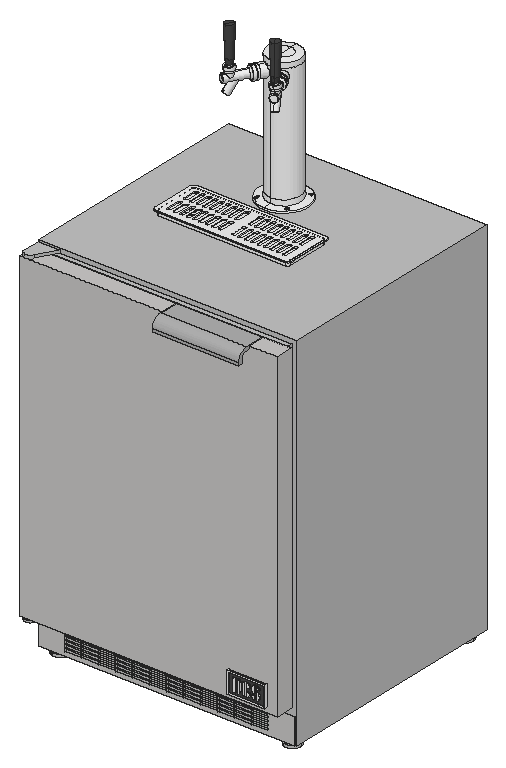
Revit family "RF24BTL2_Outdoor_Fridge_9000xxxxxxA", category Specialty Equipment, Revit 2018
Family settings
  Round Connector Dimension = Use Diameter
  Part Type = Normal
  OmniClass Number = 23.40.40.00
  OmniClass Title = Food Service Equipment and Furnishings
  Work Plane-Based = No
  Always vertical = Yes
  Cut with Voids When Loaded = Yes
  Shared = No
  Room Calculation Point = No
Parameters
  Visibility - Clearance Required = yes
  URL = "www.dcsappliances.com"
  Product - Width = 607 mm  # constant formula
  Product - Height (857mm to 883mm) = 870 mm
  Product - Depth = 643 mm  # constant formula
  Model = "RF24BTL2"
  Material - Handle = DCS - Aluminium
  Material - Door Front = DCS - Stainless Steel
  Material - Body = DCS - Grey
  Manufacturer = "Fisher & Paykel Appliances"
  Keynote = ""
  Description = "Outdoor Beer Dispenser - Dual Tap"
  Counter Top - Height (mm) = 915 mm
  Connector Description - Electrical = "110-120 V, 60 Hz, 15 A dedicated circuit"
  Chassis - Width = 607 mm  # constant formula
  Chassis - Height = 854 mm  # constant formula
  Chassis - Depth = 559 mm  # constant formula
  Cavity - Width = 616 mm  # constant formula
  Cavity - Height (864mm to 889mm) = 889 mm  # constant formula
  Cavity - Depth = 584 mm  # constant formula
Reference planes
  plane 1 "Center (Front/Back)": y = 0
  plane 2: z = 0
  plane 3 "Center (Left/Right)": x = 0
  plane 4 "Product - LHS": x = -303.5
  plane 5 "Product - RHS": x = 303.5
  plane 6 "Product - Depth": y = 559
  plane 7 "Cavity - LHS": x = -308
  plane 8 "Cavity - RHS": x = 308
  plane 9 "Cavity - Depth": y = 584
  plane 10 "Product - Height": z = 870
  plane 11 "Cavity - Height": z = 876
  plane 12 "Chassis - Base": z = 16
  plane 13 "Door Front": y = -54
  plane 14 "Counter Top": z = 915
Forms (mm)
  Extrusion 1, solid, material "DCS - Grey" <- "Material - Body"
    sketch origin (0, 0, 0) x (0, 1, 0) y (0, 0, 1)
      loop
        line (0, 870) -> (0, 16) -> (559, 16) -> (559, 870) -> (0, 870)
    from -303.5 to 303.5
  Extrusion 2, solid, material "DCS - Aluminium" <- "Material - Handle"
    sketch origin (0, 0, 0) x (0, 1, 0) y (0, 0, 1)
      loop
        line (-13.13, 860.6) -> (-59.922, 860.6)
        arc (-59.922, 860.6) -> (-76.948, 853.548) -> (-84, 836.522) r 24.078
        line (-84, 836.522) -> (-84, 830.34) -> (-75.11, 830.34) -> (-75.11, 844.71)
        arc (-75.11, 844.71) -> (-69.603, 851.111) -> (-61.504, 853.5) r 14.926
        line (-61.504, 853.5) -> (-13.13, 853.5) -> (-13.13, 860.6)
    from 32 to 235
  Extrusion 3, solid, material "DCS - Stainless Steel" <- "Material - Door Front", detail levels fine
    sketch origin (0, 0, 0) x (1, 0, 0) y (0, 0, 1)
      loop
        line (-300.5, 16) -> (300.5, 16) -> (300.5, 77) -> (-300.5, 77) -> (-300.5, 16)
      loop
        line (-199, 75.5) -> (-199, 68.5) -> (-161, 68.5) -> (-161, 75.5) -> (-199, 75.5)
      loop
        line (-199, 67) -> (-199, 60) -> (-161, 60) -> (-161, 67) -> (-199, 67)
      loop
        line (-199, 58.5) -> (-199, 51.5) -> (-161, 51.5) -> (-161, 58.5) -> (-199, 58.5)
      loop
        line (-199, 50) -> (-199, 43) -> (-161, 43) -> (-161, 50) -> (-199, 50)
      loop
        line (-199, 41.5) -> (-199, 34.5) -> (-161, 34.5) -> (-161, 41.5) -> (-199, 41.5)
      loop
        line (-199, 33) -> (-199, 26) -> (-161, 26) -> (-161, 33) -> (-199, 33)
      loop
        line (-159, 75.5) -> (-159, 68.5) -> (-121, 68.5) -> (-121, 75.5) -> (-159, 75.5)
      loop
        line (-159, 67) -> (-159, 60) -> (-121, 60) -> (-121, 67) -> (-159, 67)
      loop
        line (-159, 58.5) -> (-159, 51.5) -> (-121, 51.5) -> (-121, 58.5) -> (-159, 58.5)
      loop
        line (-159, 50) -> (-159, 43) -> (-121, 43) -> (-121, 50) -> (-159, 50)
      loop
        line (-159, 41.5) -> (-159, 34.5) -> (-121, 34.5) -> (-121, 41.5) -> (-159, 41.5)
      loop
        line (-159, 33) -> (-159, 26) -> (-121, 26) -> (-121, 33) -> (-159, 33)
      loop
        line (-119, 75.5) -> (-119, 68.5) -> (-81, 68.5) -> (-81, 75.5) -> (-119, 75.5)
      loop
        line (-119, 67) -> (-119, 60) -> (-81, 60) -> (-81, 67) -> (-119, 67)
      loop
        line (-119, 58.5) -> (-119, 51.5) -> (-81, 51.5) -> (-81, 58.5) -> (-119, 58.5)
      loop
        line (-119, 50) -> (-119, 43) -> (-81, 43) -> (-81, 50) -> (-119, 50)
      loop
        line (-119, 41.5) -> (-119, 34.5) -> (-81, 34.5) -> (-81, 41.5) -> (-119, 41.5)
      loop
        line (-119, 33) -> (-119, 26) -> (-81, 26) -> (-81, 33) -> (-119, 33)
      loop
        line (-79, 75.5) -> (-79, 68.5) -> (-41, 68.5) -> (-41, 75.5) -> (-79, 75.5)
      loop
        line (-79, 67) -> (-79, 60) -> (-41, 60) -> (-41, 67) -> (-79, 67)
      loop
        line (-79, 58.5) -> (-79, 51.5) -> (-41, 51.5) -> (-41, 58.5) -> (-79, 58.5)
      loop
        line (-79, 50) -> (-79, 43) -> (-41, 43) -> (-41, 50) -> (-79, 50)
      loop
        line (-79, 41.5) -> (-79, 34.5) -> (-41, 34.5) -> (-41, 41.5) -> (-79, 41.5)
      loop
        line (-79, 33) -> (-79, 26) -> (-41, 26) -> (-41, 33) -> (-79, 33)
      loop
        line (-39, 75.5) -> (-39, 68.5) -> (-1, 68.5) -> (-1, 75.5) -> (-39, 75.5)
      loop
        line (-39, 67) -> (-39, 60) -> (-1, 60) -> (-1, 67) -> (-39, 67)
      loop
        line (-39, 58.5) -> (-39, 51.5) -> (-1, 51.5) -> (-1, 58.5) -> (-39, 58.5)
      loop
        line (-39, 50) -> (-39, 43) -> (-1, 43) -> (-1, 50) -> (-39, 50)
      loop
        line (-39, 41.5) -> (-39, 34.5) -> (-1, 34.5) -> (-1, 41.5) -> (-39, 41.5)
      loop
        line (-39, 33) -> (-39, 26) -> (-1, 26) -> (-1, 33) -> (-39, 33)
      loop
        line (-239, 75.5) -> (-239, 68.5) -> (-201, 68.5) -> (-201, 75.5) -> (-239, 75.5)
      loop
        line (-239, 67) -> (-239, 60) -> (-201, 60) -> (-201, 67) -> (-239, 67)
      loop
        line (-239, 58.5) -> (-239, 51.5) -> (-201, 51.5) -> (-201, 58.5) -> (-239, 58.5)
      loop
        line (-239, 50) -> (-239, 43) -> (-201, 43) -> (-201, 50) -> (-239, 50)
      loop
        line (-239, 41.5) -> (-239, 34.5) -> (-201, 34.5) -> (-201, 41.5) -> (-239, 41.5)
      loop
        line (-239, 33) -> (-239, 26) -> (-201, 26) -> (-201, 33) -> (-239, 33)
      loop
        line (199, 75.5) -> (161, 75.5) -> (161, 68.5) -> (199, 68.5) -> (199, 75.5)
      loop
        line (199, 67) -> (161, 67) -> (161, 60) -> (199, 60) -> (199, 67)
      loop
        line (199, 58.5) -> (161, 58.5) -> (161, 51.5) -> (199, 51.5) -> (199, 58.5)
      loop
        line (199, 50) -> (161, 50) -> (161, 43) -> (199, 43) -> (199, 50)
      loop
        line (199, 41.5) -> (161, 41.5) -> (161, 34.5) -> (199, 34.5) -> (199, 41.5)
      loop
        line (199, 33) -> (161, 33) -> (161, 26) -> (199, 26) -> (199, 33)
      loop
        line (159, 75.5) -> (121, 75.5) -> (121, 68.5) -> (159, 68.5) -> (159, 75.5)
      loop
        line (159, 67) -> (121, 67) -> (121, 60) -> (159, 60) -> (159, 67)
      loop
        line (159, 58.5) -> (121, 58.5) -> (121, 51.5) -> (159, 51.5) -> (159, 58.5)
      loop
        line (159, 50) -> (121, 50) -> (121, 43) -> (159, 43) -> (159, 50)
      loop
        line (159, 41.5) -> (121, 41.5) -> (121, 34.5) -> (159, 34.5) -> (159, 41.5)
      loop
        line (159, 33) -> (121, 33) -> (121, 26) -> (159, 26) -> (159, 33)
      loop
        line (119, 75.5) -> (81, 75.5) -> (81, 68.5) -> (119, 68.5) -> (119, 75.5)
      loop
        line (119, 67) -> (81, 67) -> (81, 60) -> (119, 60) -> (119, 67)
      loop
        line (119, 58.5) -> (81, 58.5) -> (81, 51.5) -> (119, 51.5) -> (119, 58.5)
      loop
        line (119, 50) -> (81, 50) -> (81, 43) -> (119, 43) -> (119, 50)
      loop
        line (119, 41.5) -> (81, 41.5) -> (81, 34.5) -> (119, 34.5) -> (119, 41.5)
      loop
        line (119, 33) -> (81, 33) -> (81, 26) -> (119, 26) -> (119, 33)
      loop
        line (79, 75.5) -> (41, 75.5) -> (41, 68.5) -> (79, 68.5) -> (79, 75.5)
      loop
        line (79, 67) -> (41, 67) -> (41, 60) -> (79, 60) -> (79, 67)
      loop
        line (79, 58.5) -> (41, 58.5) -> (41, 51.5) -> (79, 51.5) -> (79, 58.5)
      loop
        line (79, 50) -> (41, 50) -> (41, 43) -> (79, 43) -> (79, 50)
      loop
        line (79, 41.5) -> (41, 41.5) -> (41, 34.5) -> (79, 34.5) -> (79, 41.5)
      loop
        line (79, 33) -> (41, 33) -> (41, 26) -> (79, 26) -> (79, 33)
      loop
        line (39, 75.5) -> (1, 75.5) -> (1, 68.5) -> (39, 68.5) -> (39, 75.5)
      loop
        line (39, 67) -> (1, 67) -> (1, 60) -> (39, 60) -> (39, 67)
      loop
        line (39, 58.5) -> (1, 58.5) -> (1, 51.5) -> (39, 51.5) -> (39, 58.5)
      loop
        line (39, 50) -> (1, 50) -> (1, 43) -> (39, 43) -> (39, 50)
      loop
        line (39, 41.5) -> (1, 41.5) -> (1, 34.5) -> (39, 34.5) -> (39, 41.5)
      loop
        line (39, 33) -> (1, 33) -> (1, 26) -> (39, 26) -> (39, 33)
      loop
        line (239, 75.5) -> (201, 75.5) -> (201, 68.5) -> (239, 68.5) -> (239, 75.5)
      loop
        line (239, 67) -> (201, 67) -> (201, 60) -> (239, 60) -> (239, 67)
      loop
        line (239, 58.5) -> (201, 58.5) -> (201, 51.5) -> (239, 51.5) -> (239, 58.5)
      loop
        line (239, 50) -> (201, 50) -> (201, 43) -> (239, 43) -> (239, 50)
      loop
        line (239, 41.5) -> (201, 41.5) -> (201, 34.5) -> (239, 34.5) -> (239, 41.5)
      loop
        line (239, 33) -> (201, 33) -> (201, 26) -> (239, 26) -> (239, 33)
    from 0 to 2
  Extrusion 4, solid, material "DCS - Grey" <- "Material - Body"
    sketch origin (0, 0, 1000) x (1, 0, 0) y (0, 0, 1)
      loop
        circle (203.5, -913) r 5
    from -584 to -559
  Extrusion 5, solid, material "DCS - Clearance Required", visible <- "Visibility - Clearance Required", detail levels coarse
    sketch origin (0, 0, 0) x (1, 0, 0) y (0, 1, 0)
      loop
        line (-308, 584) -> (-308, 0) -> (308, 0) -> (308, 584) -> (-308, 584)
    from 0 to 876
  Extrusion 6, solid, material "DCS - Grey" <- "Material - Body"
    sketch origin (0, 0, 0) x (0, 1, 0) y (0, 0, 1)
      loop
        line (-13.13, 860.6) -> (-13.13, 107.384) -> (0, 107.384) -> (0, 860.6) -> (-13.13, 860.6)
    from -293 to 293
  Extrusion 7, solid, material "DCS - Grey" <- "Material - Body"
    sketch origin (0, 0, 0) x (1, 0, 0) y (0, 1, 0)
      loop
        circle (-273.5, 27) r 19
      loop
        circle (-273.5, 534) r 19
      loop
        circle (273.5, 27) r 19
      loop
        circle (273.5, 534) r 19
    from 0 to 4.9
  Extrusion 8, solid, material "DCS - Grey" <- "Material - Body"
    sketch origin (0, 0, 0) x (1, 0, 0) y (0, 1, 0)
      loop
        circle (-273.5, 534) r 6
      loop
        circle (-273.5, 27) r 6
      loop
        circle (273.5, 534) r 6
      loop
        circle (273.5, 27) r 6
    from 4.9 to 16
  Extrusion 9, solid, material "DCS - Clearance Required", visible <- "Visibility - Clearance Required", detail levels coarse
    sketch origin (0, 0, 0) x (1, 0, 0) y (0, 1, 0)
      loop
        line (-303.5, -54) -> (-303.5, -348.771) -> (-333.5, -348.771) -> (-333.5, -551.714) -> (-303.5, -551.714) -> (-303.5, -620)
        arc (-303.5, -620) -> (118.506, -464.09) -> (303.5, -54) r 582.375
        line (303.5, -54) -> (-303.5, -54)
    from 102.24 to 860.6
  Extrusion 10, solid, material "DCS - Grey" <- "Material - Body", detail levels fine
    sketch origin (0, 0, 0) x (1, 0, 0) y (0, 1, 0)
      loop
        line (-278.224, -45.856) -> (-253.451, 0) -> (-303.5, 0) -> (-303.5, -40.895)
        arc (-303.5, -40.895) -> (-292.903, -53.774) -> (-278.224, -45.856) r 13.125
    from 860.6 to 866.898
  Extrusion 11, solid, material "DCS - Grey" <- "Material - Body", detail levels fine
    sketch origin (0, 0, 0) x (1, 0, 0) y (0, 1, 0)
      loop
        line (-278.224, -45.856) -> (-253.451, 0) -> (-303.5, 0) -> (-303.5, -40.895)
        arc (-303.5, -40.895) -> (-292.903, -53.774) -> (-278.224, -45.856) r 13.125
    from 93.901 to 97.228
  Extrusion 12, void
    sketch origin (0, 0, 0) x (1, 0, 0) y (0, 1, 0)
      loop
        line (-308, 584) -> (-308, 0) -> (308, 0) -> (308, 584) -> (-308, 584)
    from 0 to 876
  Extrusion 13, solid, material "DCS - Stainless Steel" <- "Material - Door Front"
    sketch origin (0, 0, 0) x (1, 0, 0) y (0, 0, 1)
      loop
        line (-303.5, 860.6) -> (-303.5, 102.24) -> (303.5, 102.24) -> (303.5, 860.6) -> (235, 860.6) -> (235, 853.5) -> (32, 853.5) -> (32, 860.6) -> (-303.5, 860.6)
    from 13.13 to 54
  Extrusion 14, void
    sketch origin (0, 0, 0) x (1, 0, 0) y (0, 1, 0)
      loop
        circle (0, 343) r 19
      loop
        circle (-35, 378) r 3
      loop
        arc (149.5, 162) -> (153.743, 163.757) -> (155.5, 168) r 6
        line (155.5, 168) -> (155.5, 264)
        arc (155.5, 264) -> (153.743, 268.243) -> (149.5, 270) r 6
        line (149.5, 270) -> (-149.5, 270)
        arc (-149.5, 270) -> (-153.743, 268.243) -> (-155.5, 264) r 6
        line (-155.5, 264) -> (-155.5, 168)
        arc (-155.5, 168) -> (-153.743, 163.757) -> (-149.5, 162) r 6
        line (-149.5, 162) -> (149.5, 162)
      loop
        circle (35, 378) r 3
      loop
        circle (-35, 308) r 3
      loop
        circle (35, 308) r 3
    from 870 to 915
Text (mm)
  text "Due to ongoing product development, product details are subject to change without notice. \nPlease always refer to www.fisherpaykel.com for the most current product information. \n© Fisher & Paykel 2020" at (41.04, -459.323, 0), in view "Ref. Level (Plan)"
Dimensions and locks
  equal spacing: plane 4 "Product - LHS", plane 3 "Center (Left/Right)", plane 5 "Product - RHS"
  "Product - Width": plane 4 "Product - LHS" to plane 5 "Product - RHS"
  equal spacing: plane 7 "Cavity - LHS", plane 3 "Center (Left/Right)", plane 8 "Cavity - RHS"
  "Cavity - Width": plane 7 "Cavity - LHS" to plane 8 "Cavity - RHS"
  "Chassis - Depth": plane 6 "Product - Depth" to plane 1 "Center (Front/Back)"
  "Cavity - Depth": plane 1 "Center (Front/Back)" to plane 9 "Cavity - Depth"
  "Product - Height (857mm to 883mm)": plane 10 "Product - Height" to level
  locked: plane 11 "Cavity - Height" to plane 10 "Product - Height" at 6
  "Chassis - Height": plane 10 "Product - Height" to plane 12 "Chassis - Base"
  plane 13 "Door Front" to plane 1 "Center (Front/Back)" = 54 mm
  plane 6 "Product - Depth" to plane 9 "Cavity - Depth" = 25 mm
  "Product - Depth": plane 6 "Product - Depth" to Extrusion 2
  equal spacing: Extrusion 6, plane 3 "Center (Left/Right)", Extrusion 6
  locked: Extrusion 4 sketch curve to plane 12 "Chassis - Base" at 71
  locked: Extrusion 7 to level at 4.9
  locked: plane 12 "Chassis - Base" to Extrusion 9 at 86.24
  locked: plane 12 "Chassis - Base" to Extrusion 11 at 77.901
  locked: Extrusion 11 to Extrusion 11 at 3.327
  locked: plane 10 "Product - Height" to Extrusion 10 at 3.102  (x2)
  locked: nested 1 to plane 12 "Chassis - Base" at 146.24
  locked: plane 10 "Product - Height" to Extrusion 9 at 9.4
  Extrusion 14 sketch curve to plane 3 "Center (Left/Right)" = 35 mm
  "Counter Top - Height (mm)": plane 14 "Counter Top" to level
  locked: nested 2 to plane 14 "Counter Top" at 308
  aligned and locked: level to plane 2
  aligned and locked: Extrusion 1 to plane 5 "Product - RHS"
  aligned and locked: Extrusion 1 to plane 4 "Product - LHS"
  aligned and locked: plane 10 "Product - Height" to Extrusion 1
  aligned and locked: Extrusion 4 to plane 9 "Cavity - Depth"
  aligned and locked: Extrusion 4 to plane 6 "Product - Depth"
  aligned and locked: Extrusion 5 to level
  aligned and locked: plane 11 "Cavity - Height" to Extrusion 5
  aligned and locked: Extrusion 3 to Extrusion 1
  aligned and locked: Extrusion 7 to level
  aligned and locked: Extrusion 8 to Extrusion 1
  aligned and locked: Extrusion 8 to Extrusion 7
  aligned and locked: Extrusion 1 to plane 12 "Chassis - Base"
  aligned and locked: Extrusion 12 to Extrusion 5
  aligned and locked: Extrusion 10 to Extrusion 2
  aligned and locked: plane 14 "Counter Top" to Extrusion 14
Automatic sketch dimensions
  Extrusion 1 sketch curve to plane 1 "Center (Front/Back)" = 0 mm
  Extrusion 1 sketch curve to plane 6 "Product - Depth" = 0 mm
  Extrusion 1 sketch curve to plane 12 "Chassis - Base" = 0 mm
  Extrusion 1 sketch curve to plane 10 "Product - Height" = 0 mm
  plane 13 "Door Front" to Extrusion 2 sketch curve = 40.87 mm
  Extrusion 2 sketch curve to Extrusion 2 sketch curve = 46.792 mm
  Extrusion 2 sketch curve to Extrusion 2 sketch curve = 1.582 mm
  Extrusion 2 sketch curve to Extrusion 2 sketch curve = 13.606 mm
  Extrusion 2 sketch curve to Extrusion 2 sketch curve = 8.89 mm
  Extrusion 2 sketch curve to plane 10 "Product - Height" = 39.66 mm
  Extrusion 2 sketch curve to Extrusion 2 sketch curve = 6.182 mm
  Extrusion 2 sketch curve to Extrusion 2 sketch curve = 2.052 mm
  Extrusion 2 sketch curve to Extrusion 2 sketch curve = 8.188 mm
  Extrusion 3 sketch curve to plane 12 "Chassis - Base" = 0 mm
  Extrusion 3 sketch curve to plane 4 "Product - LHS" = 3 mm
  Extrusion 3 sketch curve to Extrusion 3 sketch curve = 61.5 mm
  plane 12 "Chassis - Base" to Extrusion 3 sketch curve = 10 mm  (x6)
  Extrusion 3 sketch curve to Extrusion 3 sketch curve = 0 mm  (x138)
  Extrusion 3 sketch curve to Extrusion 3 sketch curve = 38 mm  (x11)
  Extrusion 3 sketch curve to Extrusion 3 sketch curve = 2 mm  (x22)
  Extrusion 3 sketch curve to plane 3 "Center (Left/Right)" = 1 mm  (x6)
  plane 3 "Center (Left/Right)" to Extrusion 3 sketch curve = 1 mm  (x6)
  plane 5 "Product - RHS" to Extrusion 3 sketch curve = 3 mm
  Extrusion 3 sketch curve to Extrusion 3 sketch curve = 7 mm  (x38)
  Extrusion 3 sketch curve to Extrusion 3 sketch curve = 1.5 mm  (x60)
  Extrusion 3 sketch curve to Extrusion 3 sketch curve = 61 mm
  plane 5 "Product - RHS" to Extrusion 4 sketch curve = 100 mm
  Extrusion 5 sketch curve to plane 1 "Center (Front/Back)" = 0 mm
  Extrusion 5 sketch curve to plane 7 "Cavity - LHS" = 0 mm
  Extrusion 5 sketch curve to plane 8 "Cavity - RHS" = 0 mm
  plane 9 "Cavity - Depth" to Extrusion 5 sketch curve = 0 mm
  Extrusion 6 sketch curve to plane 1 "Center (Front/Back)" = 0 mm
  plane 1 "Center (Front/Back)" to Extrusion 6 sketch curve = 13.13 mm
  Extrusion 7 sketch curve to plane 4 "Product - LHS" = 30 mm  (x2)
  plane 5 "Product - RHS" to Extrusion 7 sketch curve = 30 mm  (x2)
  Extrusion 7 sketch curve to plane 1 "Center (Front/Back)" = 27 mm  (x2)
  Extrusion 7 sketch curve to plane 6 "Product - Depth" = 25 mm  (x2)
  Extrusion 8 sketch curve to plane 4 "Product - LHS" = 30 mm  (x2)
  plane 5 "Product - RHS" to Extrusion 8 sketch curve = 30 mm  (x2)
  Extrusion 8 sketch curve to plane 1 "Center (Front/Back)" = 27 mm  (x2)
  Extrusion 8 sketch curve to plane 6 "Product - Depth" = 25 mm  (x2)
  Extrusion 9 sketch curve to plane 4 "Product - LHS" = 0 mm  (x2)
  Extrusion 9 sketch curve to plane 5 "Product - RHS" = 0 mm
  Extrusion 9 sketch curve to plane 13 "Door Front" = 0 mm
  plane 7 "Cavity - LHS" to Extrusion 9 sketch curve = 25.5 mm
  Extrusion 9 sketch curve to plane 4 "Product - LHS" = 24.841 mm
  Extrusion 9 sketch curve to plane 13 "Door Front" = 294.771 mm
  Extrusion 9 sketch curve to Extrusion 9 sketch curve = 202.944 mm
  Extrusion 9 sketch curve to Extrusion 9 sketch curve = 68.286 mm
  Extrusion 10 sketch curve to plane 4 "Product - LHS" = 0 mm
  plane 1 "Center (Front/Back)" to Extrusion 10 sketch curve = 0 mm
  Extrusion 10 sketch curve to Extrusion 10 sketch curve = 13.125 mm
  plane 13 "Door Front" to Extrusion 10 sketch curve = 8.144 mm
  Extrusion 10 sketch curve to Extrusion 10 sketch curve = 12.151 mm
  Extrusion 10 sketch curve to plane 4 "Product - LHS" = 50.049 mm
  Extrusion 11 sketch curve to plane 4 "Product - LHS" = 0 mm
  plane 1 "Center (Front/Back)" to Extrusion 11 sketch curve = 0 mm
  Extrusion 11 sketch curve to Extrusion 11 sketch curve = 13.125 mm
  plane 13 "Door Front" to Extrusion 11 sketch curve = 8.144 mm
  Extrusion 11 sketch curve to Extrusion 11 sketch curve = 12.151 mm
  Extrusion 11 sketch curve to plane 4 "Product - LHS" = 50.049 mm
  Extrusion 12 sketch curve to plane 1 "Center (Front/Back)" = 0 mm
  Extrusion 12 sketch curve to plane 7 "Cavity - LHS" = 0 mm
  Extrusion 12 sketch curve to plane 8 "Cavity - RHS" = 0 mm
  Extrusion 12 sketch curve to plane 9 "Cavity - Depth" = 0 mm
  plane 4 "Product - LHS" to Extrusion 13 sketch curve = 0 mm
  plane 5 "Product - RHS" to Extrusion 13 sketch curve = 0 mm
  plane 3 "Center (Left/Right)" to Extrusion 13 sketch curve = 32 mm
  Extrusion 13 sketch curve to plane 10 "Product - Height" = 16.5 mm
  plane 5 "Product - RHS" to Extrusion 13 sketch curve = 68.5 mm
  plane 12 "Chassis - Base" to Extrusion 13 sketch curve = 86.24 mm
  Extrusion 13 sketch curve to Extrusion 13 sketch curve = 7.1 mm  (x2)
  plane 12 "Chassis - Base" to Extrusion 6 sketch curve = 91.384 mm
  Extrusion 6 sketch curve to plane 10 "Product - Height" = 9.4 mm
  Extrusion 14 sketch curve to plane 3 "Center (Left/Right)" = 0 mm
  Extrusion 14 sketch curve to plane 3 "Center (Left/Right)" = 35 mm
  Extrusion 14 sketch curve to plane 3 "Center (Left/Right)" = 149.5 mm
  Extrusion 14 sketch curve to Extrusion 14 sketch curve = 0 mm  (x3)
  Extrusion 14 sketch curve to Extrusion 14 sketch curve = 6 mm  (x2)
  plane 3 "Center (Left/Right)" to Extrusion 14 sketch curve = 35 mm  (x2)
  plane 3 "Center (Left/Right)" to Extrusion 14 sketch curve = 149.5 mm
  Extrusion 14 sketch curve to plane 1 "Center (Front/Back)" = 162 mm
  Extrusion 14 sketch curve to Extrusion 14 sketch curve = 96 mm
  Extrusion 14 sketch curve to Extrusion 14 sketch curve = 38 mm
  Extrusion 14 sketch curve to Extrusion 14 sketch curve = 35 mm  (x3)
  radius of Extrusion 4 sketch curve = 5 mm
  radius of Extrusion 7 sketch curve = 19 mm  (x4)
  radius of Extrusion 8 sketch curve = 6 mm  (x4)
  radius of Extrusion 14 sketch curve = 19 mm
  radius of Extrusion 14 sketch curve = 3 mm  (x4)
Nested families
  nested 1: "DCS Logo New Large" at (233.092, -54, 137.74), type "DCS Logo New Large"
  nested 2: "DCS Dispense Tower Double" at (0, 0, 915), type "DCS Dispense Tower Double"
Connectors
  electrical at (203.5, 584, 87), driven by "Connector Description - Electrical"
    settings: on Extrusion 4, index 1, voltage 120 V, apparent load 0 VA, apparent load phase1 0 VA, apparent load phase2 0 VA, apparent load phase3 0 VA, power factor 1, load classification "Other", number of poles 1, system type 30, power factor state 1, is connector primary yes, connector utility no, sub classification motor no, connector description "110-120 V, 60 Hz, 15 A dedicated circuit"
Definition of nested family "DCS Logo New Large"
  Parameters (values of type "DCS Logo New Large")
    URL = "www.dcsappliances.com"
    Product - Width = 89.45 mm
    Product - Height = 49 mm
    Product - Depth = 6 mm
    Material - Logo = none
    Material - Body = none
    Manufacturer = "Fisher & Paykel Appliances"
  Reference planes
    plane 1 "Center (Front/Back)": y = 0
    plane 2: z = 0
    plane 3 "Center (Left/Right)": x = 0
    plane 4 "Product Top": z = 24.5
    plane 5 "Product LHS": x = -44.725
    plane 6 "Product RHS": x = 44.725
    plane 7 "Product - Depth": y = -6
    plane 8 "Product Bottom": z = -24.5
  Forms (mm)
    Extrusion 1, solid, material <- "Material - Logo", detail levels medium+fine
      sketch origin (0, 0, -0.347) x (1, 0, 0) y (0, 0, 1)
        loop
          line (-44.725, 24.847) -> (-44.725, -24.153) -> (44.725, -24.153) -> (44.725, 24.847) -> (-44.725, 24.847)
        loop
          line (-41.725, 21.847) -> (-41.725, -21.153) -> (41.725, -21.153) -> (41.725, 21.847) -> (-41.725, 21.847)
      from 0 to 6
    Extrusion 2, solid, material <- "Material - Body", detail levels medium+fine
      sketch origin (0, 0, 0) x (1, 0, 0) y (0, 0, 1)
        loop
          line (-41.725, 21.5) -> (-41.725, -21.5) -> (41.725, -21.5) -> (41.725, 21.5) -> (-41.725, 21.5)
      from 0 to 4.974
    Extrusion 3, solid, material <- "Material - Logo", detail levels fine
      sketch origin (0, 0, 0) x (1, 0, 0) y (0, 0, 1)
        loop
          line (-31.141, 15.364) -> (-31.141, -15.364) -> (-25.323, -15.364) -> (-25.323, 15.364) -> (-31.141, 15.364)
        loop
          arc (-20.07, -15.416) -> (-15.93, -13.415) -> (-14.252, -9.134) r 6.301
          line (-14.252, -9.134) -> (-14.252, 9.134)
          arc (-14.252, 9.134) -> (-15.93, 13.414) -> (-20.07, 15.412) r 6.296
          line (-20.07, 15.412) -> (-20.07, -15.416)
        loop
          arc (-8.445, -9.134) -> (-6.767, -13.414) -> (-2.627, -15.412) r 6.296
          line (-2.627, -15.412) -> (-2.627, 15.416)
          arc (-2.627, 15.416) -> (-6.767, 13.415) -> (-8.445, 9.134) r 6.301
          line (-8.445, 9.134) -> (-8.445, -9.134)
        loop
          arc (2.627, -15.377) -> (6.765, -13.401) -> (8.445, -9.134) r 6.259
          line (8.445, -9.134) -> (8.445, -4.011) -> (2.627, -4.011) -> (2.627, -15.377)
        loop
          arc (8.445, 9.134) -> (6.767, 13.414) -> (2.627, 15.412) r 6.296
          line (2.627, 15.412) -> (2.627, 4.011) -> (8.445, 4.011) -> (8.445, 9.134)
        loop
          line (20.07, -2.527) -> (20.07, 15.375)
          arc (20.07, 15.375) -> (15.932, 13.4) -> (14.252, 9.134) r 6.257
          line (14.252, 9.134) -> (14.252, 4.145)
          arc (14.252, 4.145) -> (16.005, -0.199) -> (20.07, -2.527) r 7.155
        loop
          line (14.252, -6.875) -> (14.252, -9.134)
          arc (14.252, -9.134) -> (15.93, -13.414) -> (20.07, -15.412) r 6.296
          line (20.07, -15.412) -> (20.07, -6.875) -> (14.252, -6.875)
        loop
          line (25.323, 2.499) -> (25.323, -15.378)
          arc (25.323, -15.378) -> (29.461, -13.401) -> (31.141, -9.134) r 6.259
          line (31.141, -9.134) -> (31.141, -4.145)
          arc (31.141, -4.145) -> (29.481, 0.271) -> (25.323, 2.499) r 6.702
        loop
          line (25.323, 6.875) -> (31.141, 6.875) -> (31.141, 9.134)
          arc (31.141, 9.134) -> (29.464, 13.419) -> (25.323, 15.427) r 6.313
          line (25.323, 15.427) -> (25.323, 6.875)
      from 4.974 to 6
  Dimensions and locks
    plane 7 "Product - Depth" to plane 1 "Center (Front/Back)" = 6 mm
    equal spacing: Extrusion 1 sketch curve, plane 3 "Center (Left/Right)", Extrusion 1 sketch curve
    "Product - Depth": plane 7 "Product - Depth" to plane 1 "Center (Front/Back)"
    equal spacing: plane 4 "Product Top", level, plane 8 "Product Bottom"
    "Product - Height": plane 4 "Product Top" to plane 8 "Product Bottom"
    equal spacing: plane 5 "Product LHS", plane 3 "Center (Left/Right)", plane 6 "Product RHS"
    "Product - Width": plane 5 "Product LHS" to plane 6 "Product RHS"
    aligned and locked: level to plane 2
    aligned and locked: Extrusion 1 to plane 7 "Product - Depth"
    aligned and locked: Extrusion 3 to plane 7 "Product - Depth"
    aligned and locked: plane 6 "Product RHS" to Extrusion 1 sketch curve
    aligned and locked: Extrusion 1 sketch curve to plane 4 "Product Top"
    aligned and locked: plane 8 "Product Bottom" to Extrusion 1 sketch curve
    aligned and locked: Extrusion 1 sketch curve to plane 5 "Product LHS"
    aligned and locked: Extrusion 2 sketch curve to Extrusion 1  (x4)
  Automatic sketch dimensions
    Extrusion 3 sketch curve to plane 5 "Product LHS" = 13.584 mm
    Extrusion 3 sketch curve to Extrusion 3 sketch curve = 5.818 mm  (x5)
    Extrusion 3 sketch curve to Extrusion 3 sketch curve = 4.771 mm
    Extrusion 3 sketch curve to Extrusion 3 sketch curve = 4.775 mm
    Extrusion 3 sketch curve to Extrusion 3 sketch curve = 6.296 mm
    Extrusion 3 sketch curve to Extrusion 3 sketch curve = 5.807 mm  (x3)
    Extrusion 3 sketch curve to plane 3 "Center (Left/Right)" = 2.627 mm
    Extrusion 3 sketch curve to plane 3 "Center (Left/Right)" = 2.149 mm
    Extrusion 3 sketch curve to plane 3 "Center (Left/Right)" = 2.144 mm
    plane 3 "Center (Left/Right)" to Extrusion 3 sketch curve = 2.148 mm
    plane 3 "Center (Left/Right)" to Extrusion 3 sketch curve = 2.186 mm
    plane 3 "Center (Left/Right)" to Extrusion 3 sketch curve = 2.627 mm  (x2)
    Extrusion 3 sketch curve to level = 2.527 mm
    Extrusion 3 sketch curve to Extrusion 3 sketch curve = 0 mm  (x3)
    Extrusion 3 sketch curve to Extrusion 3 sketch curve = 0.439 mm
    Extrusion 3 sketch curve to Extrusion 3 sketch curve = 0.478 mm
    level to Extrusion 3 sketch curve = 4.504 mm
    Extrusion 3 sketch curve to Extrusion 3 sketch curve = 0.889 mm
    Extrusion 3 sketch curve to Extrusion 3 sketch curve = 4.369 mm
    Extrusion 3 sketch curve to Extrusion 3 sketch curve = 4.32 mm
    Extrusion 3 sketch curve to Extrusion 3 sketch curve = 4.334 mm
    Extrusion 3 sketch curve to Extrusion 3 sketch curve = 5.254 mm  (x3)
    Extrusion 3 sketch curve to Extrusion 3 sketch curve = 6.702 mm
    Extrusion 3 sketch curve to level = 4.011 mm
    Extrusion 3 sketch curve to level = 4.145 mm
    Extrusion 3 sketch curve to Extrusion 3 sketch curve = 2.865 mm
    Extrusion 3 sketch curve to Extrusion 3 sketch curve = 4.989 mm
    Extrusion 3 sketch curve to Extrusion 3 sketch curve = 5.123 mm  (x2)
    Extrusion 3 sketch curve to Extrusion 3 sketch curve = 2.259 mm  (x2)
    Extrusion 3 sketch curve to level = 9.134 mm
    Extrusion 3 sketch curve to Extrusion 3 sketch curve = 6.23 mm  (x2)
    level to Extrusion 3 sketch curve = 4.011 mm
    level to Extrusion 3 sketch curve = 6.875 mm
    level to Extrusion 3 sketch curve = 9.134 mm
    Extrusion 3 sketch curve to Extrusion 3 sketch curve = 4.63 mm
    Extrusion 1 sketch curve to plane 5 "Product LHS" = 3 mm
    Extrusion 1 sketch curve to plane 4 "Product Top" = 3 mm
    plane 8 "Product Bottom" to Extrusion 1 sketch curve = 3 mm
Definition of nested family "DCS Dispense Tower Double"
  Parameters (values of type "DCS Dispense Tower Double")
    URL = "www.dcsappliances.com"
    Product - Height = 308 mm
    Material - Body = none
    Manufacturer = "Fisher & Paykel Appliances"
  Reference planes
    plane 1 "Center (Front/Back)": y = 0
    plane 2: z = 0
    plane 3 "Center (Left/Right)": x = 0
  Forms (mm)
    Revolve 1, solid, material <- "Material - Body", detail levels fine
      sketch origin (0, 0, 0) x (0, 1, 0) y (0, 0, 1)
        loop
          line (342.959, 0) -> (342.959, 308) -> (321.83, 308) -> (304.501, 306.484) -> (304.833, 294.284) -> (304.833, 17.538) -> (303.82, 5.592) -> (286.359, 2.826) -> (285.706, 0) -> (342.959, 0)
        axis (342.959, 0) -> (342.959, 308)
      angle from 0 to 360
    Extrusion 2, void
      sketch origin (0, 0, 0) x (1, 0, 0) y (0, 1, 0)
        loop
          circle (-35, 377.959) r 4
        loop
          arc (-37.296, 380.735) -> (-38.12, 376.157) -> (-33.743, 374.582) r 3.603
          line (-33.743, 374.582) -> (-37.296, 380.735)
        loop
          line (-36.257, 381.335) -> (-32.704, 375.182)
          arc (-32.704, 375.182) -> (-31.88, 379.76) -> (-36.257, 381.335) r 3.603
        loop
          circle (35, 377.959) r 4
        loop
          line (37.296, 380.735) -> (33.743, 374.582)
          arc (33.743, 374.582) -> (38.12, 376.157) -> (37.296, 380.735) r 3.603
        loop
          arc (36.257, 381.335) -> (31.88, 379.76) -> (32.704, 375.182) r 3.603
          line (32.704, 375.182) -> (36.257, 381.335)
        loop
          circle (-35, 307.959) r 4
        loop
          line (-37.296, 305.182) -> (-33.743, 311.335)
          arc (-33.743, 311.335) -> (-38.12, 309.76) -> (-37.296, 305.182) r 3.603
        loop
          arc (-36.257, 304.582) -> (-31.88, 306.157) -> (-32.704, 310.735) r 3.603
          line (-32.704, 310.735) -> (-36.257, 304.582)
        loop
          circle (35, 307.959) r 4
        loop
          arc (37.296, 305.182) -> (38.12, 309.76) -> (33.743, 311.335) r 3.603
          line (33.743, 311.335) -> (37.296, 305.182)
        loop
          line (36.257, 304.582) -> (32.704, 310.735)
          arc (32.704, 310.735) -> (31.88, 306.157) -> (36.257, 304.582) r 3.603
      from 0 to 5.6
    Extrusion 3, solid, material <- "Material - Body", detail levels fine
      sketch origin (0, 69.5, 0) x (1, 0, 0) y (0, 1, 0)
        loop
          arc (-150.035, 206.709) -> (-158.52, 203.194) -> (-162.035, 194.709) r 12
          line (-162.035, 194.709) -> (-162.035, 98.358)
          arc (-162.035, 98.358) -> (-158.52, 89.873) -> (-150.035, 86.358) r 12
          line (-150.035, 86.358) -> (149.653, 86.358)
          arc (149.653, 86.358) -> (158.139, 89.873) -> (161.653, 98.358) r 12
          line (161.653, 98.358) -> (161.653, 194.709)
          arc (161.653, 194.709) -> (158.139, 203.194) -> (149.653, 206.709) r 12
          line (149.653, 206.709) -> (-150.035, 206.709)
        loop
          arc (-141.065, 156.573) -> (-136.3, 151.808) -> (-131.534, 156.573) r 4.766
          line (-131.534, 156.573) -> (-131.534, 185.168)
          arc (-131.534, 185.168) -> (-136.3, 189.934) -> (-141.065, 185.168) r 4.766
          line (-141.065, 185.168) -> (-141.065, 156.573)
        loop
          arc (-141.065, 107.9) -> (-136.3, 103.134) -> (-131.534, 107.9) r 4.766
          line (-131.534, 107.9) -> (-131.534, 136.494)
          arc (-131.534, 136.494) -> (-136.3, 141.26) -> (-141.065, 136.494) r 4.766
          line (-141.065, 136.494) -> (-141.065, 107.9)
        loop
          arc (-125.942, 156.573) -> (-121.176, 151.808) -> (-116.411, 156.573) r 4.766
          line (-116.411, 156.573) -> (-116.411, 185.168)
          arc (-116.411, 185.168) -> (-121.176, 189.934) -> (-125.942, 185.168) r 4.766
          line (-125.942, 185.168) -> (-125.942, 156.573)
        loop
          arc (-125.942, 107.9) -> (-121.176, 103.134) -> (-116.411, 107.9) r 4.766
          line (-116.411, 107.9) -> (-116.411, 136.494)
          arc (-116.411, 136.494) -> (-121.176, 141.26) -> (-125.942, 136.494) r 4.766
          line (-125.942, 136.494) -> (-125.942, 107.9)
        loop
          arc (-110.819, 156.573) -> (-106.053, 151.808) -> (-101.288, 156.573) r 4.766
          line (-101.288, 156.573) -> (-101.288, 185.168)
          arc (-101.288, 185.168) -> (-106.053, 189.934) -> (-110.819, 185.168) r 4.766
          line (-110.819, 185.168) -> (-110.819, 156.573)
        loop
          arc (-110.819, 107.9) -> (-106.053, 103.134) -> (-101.288, 107.9) r 4.766
          line (-101.288, 107.9) -> (-101.288, 136.494)
          arc (-101.288, 136.494) -> (-106.053, 141.26) -> (-110.819, 136.494) r 4.766
          line (-110.819, 136.494) -> (-110.819, 107.9)
        loop
          arc (-95.696, 156.573) -> (-90.93, 151.808) -> (-86.164, 156.573) r 4.766
          line (-86.164, 156.573) -> (-86.164, 185.168)
          arc (-86.164, 185.168) -> (-90.93, 189.934) -> (-95.696, 185.168) r 4.766
          line (-95.696, 185.168) -> (-95.696, 156.573)
        loop
          arc (-95.696, 107.9) -> (-90.93, 103.134) -> (-86.164, 107.9) r 4.766
          line (-86.164, 107.9) -> (-86.164, 136.494)
          arc (-86.164, 136.494) -> (-90.93, 141.26) -> (-95.696, 136.494) r 4.766
          line (-95.696, 136.494) -> (-95.696, 107.9)
        loop
          arc (-81.013, 156.573) -> (-76.247, 151.808) -> (-71.481, 156.573) r 4.766
          line (-71.481, 156.573) -> (-71.481, 185.168)
          arc (-71.481, 185.168) -> (-76.247, 189.934) -> (-81.013, 185.168) r 4.766
          line (-81.013, 185.168) -> (-81.013, 156.573)
        loop
          arc (-81.013, 107.9) -> (-76.247, 103.134) -> (-71.481, 107.9) r 4.766
          line (-71.481, 107.9) -> (-71.481, 136.494)
          arc (-71.481, 136.494) -> (-76.247, 141.26) -> (-81.013, 136.494) r 4.766
          line (-81.013, 136.494) -> (-81.013, 107.9)
        loop
          arc (-65.889, 156.573) -> (-61.124, 151.808) -> (-56.358, 156.573) r 4.766
          line (-56.358, 156.573) -> (-56.358, 185.168)
          arc (-56.358, 185.168) -> (-61.124, 189.934) -> (-65.889, 185.168) r 4.766
          line (-65.889, 185.168) -> (-65.889, 156.573)
        loop
          arc (-65.889, 107.9) -> (-61.124, 103.134) -> (-56.358, 107.9) r 4.766
          line (-56.358, 107.9) -> (-56.358, 136.494)
          arc (-56.358, 136.494) -> (-61.124, 141.26) -> (-65.889, 136.494) r 4.766
          line (-65.889, 136.494) -> (-65.889, 107.9)
        loop
          arc (-50.766, 156.573) -> (-46, 151.808) -> (-41.235, 156.573) r 4.766
          line (-41.235, 156.573) -> (-41.235, 185.168)
          arc (-41.235, 185.168) -> (-46, 189.934) -> (-50.766, 185.168) r 4.766
          line (-50.766, 185.168) -> (-50.766, 156.573)
        loop
          arc (-50.766, 107.9) -> (-46, 103.134) -> (-41.235, 107.9) r 4.766
          line (-41.235, 107.9) -> (-41.235, 136.494)
          arc (-41.235, 136.494) -> (-46, 141.26) -> (-50.766, 136.494) r 4.766
          line (-50.766, 136.494) -> (-50.766, 107.9)
        loop
          arc (-35.643, 156.573) -> (-30.877, 151.808) -> (-26.112, 156.573) r 4.766
          line (-26.112, 156.573) -> (-26.112, 185.168)
          arc (-26.112, 185.168) -> (-30.877, 189.934) -> (-35.643, 185.168) r 4.766
          line (-35.643, 185.168) -> (-35.643, 156.573)
        loop
          arc (-35.643, 107.9) -> (-30.877, 103.134) -> (-26.112, 107.9) r 4.766
          line (-26.112, 107.9) -> (-26.112, 136.494)
          arc (-26.112, 136.494) -> (-30.877, 141.26) -> (-35.643, 136.494) r 4.766
          line (-35.643, 136.494) -> (-35.643, 107.9)
        loop
          arc (-20.563, 156.573) -> (-15.797, 151.808) -> (-11.032, 156.573) r 4.766
          line (-11.032, 156.573) -> (-11.032, 185.168)
          arc (-11.032, 185.168) -> (-15.797, 189.934) -> (-20.563, 185.168) r 4.766
          line (-20.563, 185.168) -> (-20.563, 156.573)
        loop
          arc (-20.563, 107.9) -> (-15.797, 103.134) -> (-11.032, 107.9) r 4.766
          line (-11.032, 107.9) -> (-11.032, 136.494)
          arc (-11.032, 136.494) -> (-15.797, 141.26) -> (-20.563, 136.494) r 4.766
          line (-20.563, 136.494) -> (-20.563, 107.9)
        loop
          line (141.065, 156.573) -> (141.065, 185.168)
          arc (141.065, 185.168) -> (136.3, 189.934) -> (131.534, 185.168) r 4.766
          line (131.534, 185.168) -> (131.534, 156.573)
          arc (131.534, 156.573) -> (136.3, 151.808) -> (141.065, 156.573) r 4.766
        loop
          line (141.065, 107.9) -> (141.065, 136.494)
          arc (141.065, 136.494) -> (136.3, 141.26) -> (131.534, 136.494) r 4.766
          line (131.534, 136.494) -> (131.534, 107.9)
          arc (131.534, 107.9) -> (136.3, 103.134) -> (141.065, 107.9) r 4.766
        loop
          line (125.942, 156.573) -> (125.942, 185.168)
          arc (125.942, 185.168) -> (121.176, 189.934) -> (116.411, 185.168) r 4.766
          line (116.411, 185.168) -> (116.411, 156.573)
          arc (116.411, 156.573) -> (121.176, 151.808) -> (125.942, 156.573) r 4.766
        loop
          line (125.942, 107.9) -> (125.942, 136.494)
          arc (125.942, 136.494) -> (121.176, 141.26) -> (116.411, 136.494) r 4.766
          line (116.411, 136.494) -> (116.411, 107.9)
          arc (116.411, 107.9) -> (121.176, 103.134) -> (125.942, 107.9) r 4.766
        loop
          line (110.819, 156.573) -> (110.819, 185.168)
          arc (110.819, 185.168) -> (106.053, 189.934) -> (101.288, 185.168) r 4.766
          line (101.288, 185.168) -> (101.288, 156.573)
          arc (101.288, 156.573) -> (106.053, 151.808) -> (110.819, 156.573) r 4.766
        loop
          line (110.819, 107.9) -> (110.819, 136.494)
          arc (110.819, 136.494) -> (106.053, 141.26) -> (101.288, 136.494) r 4.766
          line (101.288, 136.494) -> (101.288, 107.9)
          arc (101.288, 107.9) -> (106.053, 103.134) -> (110.819, 107.9) r 4.766
        loop
          line (95.696, 156.573) -> (95.696, 185.168)
          arc (95.696, 185.168) -> (90.93, 189.934) -> (86.164, 185.168) r 4.766
          line (86.164, 185.168) -> (86.164, 156.573)
          arc (86.164, 156.573) -> (90.93, 151.808) -> (95.696, 156.573) r 4.766
        loop
          line (95.696, 107.9) -> (95.696, 136.494)
          arc (95.696, 136.494) -> (90.93, 141.26) -> (86.164, 136.494) r 4.766
          line (86.164, 136.494) -> (86.164, 107.9)
          arc (86.164, 107.9) -> (90.93, 103.134) -> (95.696, 107.9) r 4.766
        loop
          line (81.013, 156.573) -> (81.013, 185.168)
          arc (81.013, 185.168) -> (76.247, 189.934) -> (71.481, 185.168) r 4.766
          line (71.481, 185.168) -> (71.481, 156.573)
          arc (71.481, 156.573) -> (76.247, 151.808) -> (81.013, 156.573) r 4.766
        loop
          line (81.013, 107.9) -> (81.013, 136.494)
          arc (81.013, 136.494) -> (76.247, 141.26) -> (71.481, 136.494) r 4.766
          line (71.481, 136.494) -> (71.481, 107.9)
          arc (71.481, 107.9) -> (76.247, 103.134) -> (81.013, 107.9) r 4.766
        loop
          line (65.889, 156.573) -> (65.889, 185.168)
          arc (65.889, 185.168) -> (61.124, 189.934) -> (56.358, 185.168) r 4.766
          line (56.358, 185.168) -> (56.358, 156.573)
          arc (56.358, 156.573) -> (61.124, 151.808) -> (65.889, 156.573) r 4.766
        loop
          line (65.889, 107.9) -> (65.889, 136.494)
          arc (65.889, 136.494) -> (61.124, 141.26) -> (56.358, 136.494) r 4.766
          line (56.358, 136.494) -> (56.358, 107.9)
          arc (56.358, 107.9) -> (61.124, 103.134) -> (65.889, 107.9) r 4.766
        loop
          line (50.766, 156.573) -> (50.766, 185.168)
          arc (50.766, 185.168) -> (46, 189.934) -> (41.235, 185.168) r 4.766
          line (41.235, 185.168) -> (41.235, 156.573)
          arc (41.235, 156.573) -> (46, 151.808) -> (50.766, 156.573) r 4.766
        loop
          line (50.766, 107.9) -> (50.766, 136.494)
          arc (50.766, 136.494) -> (46, 141.26) -> (41.235, 136.494) r 4.766
          line (41.235, 136.494) -> (41.235, 107.9)
          arc (41.235, 107.9) -> (46, 103.134) -> (50.766, 107.9) r 4.766
        loop
          line (35.643, 156.573) -> (35.643, 185.168)
          arc (35.643, 185.168) -> (30.877, 189.934) -> (26.112, 185.168) r 4.766
          line (26.112, 185.168) -> (26.112, 156.573)
          arc (26.112, 156.573) -> (30.877, 151.808) -> (35.643, 156.573) r 4.766
        loop
          line (35.643, 107.9) -> (35.643, 136.494)
          arc (35.643, 136.494) -> (30.877, 141.26) -> (26.112, 136.494) r 4.766
          line (26.112, 136.494) -> (26.112, 107.9)
          arc (26.112, 107.9) -> (30.877, 103.134) -> (35.643, 107.9) r 4.766
        loop
          line (20.563, 156.573) -> (20.563, 185.168)
          arc (20.563, 185.168) -> (15.797, 189.934) -> (11.032, 185.168) r 4.766
          line (11.032, 185.168) -> (11.032, 156.573)
          arc (11.032, 156.573) -> (15.797, 151.808) -> (20.563, 156.573) r 4.766
        loop
          line (20.563, 107.9) -> (20.563, 136.494)
          arc (20.563, 136.494) -> (15.797, 141.26) -> (11.032, 136.494) r 4.766
          line (11.032, 136.494) -> (11.032, 107.9)
          arc (11.032, 107.9) -> (15.797, 103.134) -> (20.563, 107.9) r 4.766
      from 0 to 1
    Extrusion 4, solid, material <- "Material - Body"
      sketch origin (0, 69.5, 0) x (1, 0, 0) y (0, 1, 0)
        loop
          arc (-155.5, 98.534) -> (-153.743, 94.291) -> (-149.5, 92.534) r 6
          line (-149.5, 92.534) -> (149.5, 92.534)
          arc (149.5, 92.534) -> (153.743, 94.291) -> (155.5, 98.534) r 6
          line (155.5, 98.534) -> (155.5, 194.534)
          arc (155.5, 194.534) -> (153.743, 198.776) -> (149.5, 200.534) r 6
          line (149.5, 200.534) -> (-149.5, 200.534)
          arc (-149.5, 200.534) -> (-153.743, 198.776) -> (-155.5, 194.534) r 6
          line (-155.5, 194.534) -> (-155.5, 98.534)
        loop
          circle (-110.913, 146.534) r 17.5
      from -11 to -10
    Extrusion 5, solid, material <- "Material - Body"
      sketch origin (0, 69.5, 0) x (1, 0, 0) y (0, 1, 0)
        loop
          circle (-110.913, 146.534) r 17.5
        loop
          circle (-110.913, 146.534) r 8
      from -11 to -10
    Extrusion 6, void
      sketch origin (0, 0, 0) x (1, 0, 0) y (0, 1, 0)
        loop
          circle (-35, 377.959) r 3
        loop
          circle (35, 377.959) r 3
        loop
          circle (-35, 307.959) r 3
        loop
          circle (35, 307.959) r 3
        loop
          arc (-149.5, 270.034) -> (-153.743, 268.276) -> (-155.5, 264.034) r 6
          line (-155.5, 264.034) -> (-155.5, 168.034)
          arc (-155.5, 168.034) -> (-153.743, 163.791) -> (-149.5, 162.034) r 6
          line (-149.5, 162.034) -> (149.5, 162.034)
          arc (149.5, 162.034) -> (153.743, 163.791) -> (155.5, 168.034) r 6
          line (155.5, 168.034) -> (155.5, 264.034)
          arc (155.5, 264.034) -> (153.743, 268.276) -> (149.5, 270.034) r 6
          line (149.5, 270.034) -> (-149.5, 270.034)
        loop
          circle (0, 342.959) r 19
      from -300 to 0
    Extrusion 7, solid, material <- "Material - Body"
      sketch origin (0, 0, 0) x (1, 0, 0) y (0, 1, 0)
        loop
          arc (-149.5, 270.034) -> (-153.743, 268.276) -> (-155.5, 264.034) r 6
          line (-155.5, 264.034) -> (-155.5, 168.034)
          arc (-155.5, 168.034) -> (-153.743, 163.791) -> (-149.5, 162.034) r 6
          line (-149.5, 162.034) -> (149.5, 162.034)
          arc (149.5, 162.034) -> (153.743, 163.791) -> (155.5, 168.034) r 6
          line (155.5, 168.034) -> (155.5, 264.034)
          arc (155.5, 264.034) -> (153.743, 268.276) -> (149.5, 270.034) r 6
          line (149.5, 270.034) -> (-149.5, 270.034)
        loop
          arc (149.5, 163.034) -> (153.036, 164.498) -> (154.5, 168.034) r 5
          line (154.5, 168.034) -> (154.5, 264.034)
          arc (154.5, 264.034) -> (153.036, 267.569) -> (149.5, 269.034) r 5
          line (149.5, 269.034) -> (-149.5, 269.034)
          arc (-149.5, 269.034) -> (-153.036, 267.569) -> (-154.5, 264.034) r 5
          line (-154.5, 264.034) -> (-154.5, 168.034)
          arc (-154.5, 168.034) -> (-153.036, 164.498) -> (-149.5, 163.034) r 5
          line (-149.5, 163.034) -> (149.5, 163.034)
      from -10 to 0
    Extrusion 8, solid, material <- "Material - Body", detail levels coarse+medium
      sketch origin (0, 0, 0) x (1, 0, 0) y (0, 1, 0)
        loop
          circle (0, 342.959) r 57.252
        loop
          circle (-34.983, 377.959) r 4
        loop
          circle (34.983, 377.959) r 4
        loop
          circle (-34.983, 307.959) r 4
        loop
          circle (34.983, 307.959) r 4
      from 0 to 5.592
    Extrusion 9, solid, material <- "Material - Body", detail levels coarse+medium
      sketch origin (0, 0, 0) x (1, 0, 0) y (0, 1, 0)
        loop
          circle (0, 342.959) r 38.126
      from 5.592 to 308
  Cuts and joins
    Extrusion 2 cuts Revolve 1
    joined: Extrusion 4, Extrusion 7
  Dimensions and locks
    plane 1 "Center (Front/Back)" to Extrusion 5 = 216.034 mm
    Extrusion 4 to Extrusion 4 = 108 mm
    Extrusion 4 to Extrusion 4 = 311 mm
    plane 1 "Center (Front/Back)" to Extrusion 4 = 162.034 mm
    "Product - Height": level to cut or joined group of Revolve 1, Extrusion 2
    aligned and locked: level to plane 2
  Automatic sketch dimensions
    Revolve 1 sketch curve to level = 0 mm
    Revolve 1 sketch curve to plane 1 "Center (Front/Back)" = 285.706 mm
    level to Revolve 1 sketch curve = 2.826 mm
    Revolve 1 sketch curve to Revolve 1 sketch curve = 0.652 mm
    level to Revolve 1 sketch curve = 5.592 mm
    Revolve 1 sketch curve to Revolve 1 sketch curve = 17.461 mm
    Revolve 1 sketch curve to Revolve 1 sketch curve = 0.681 mm
    Revolve 1 sketch curve to Revolve 1 sketch curve = 1.013 mm
    Revolve 1 sketch curve to Revolve 1 sketch curve = 17.329 mm
    Revolve 1 sketch curve to Revolve 1 sketch curve = 21.129 mm
    Revolve 1 sketch curve to Revolve 1 sketch curve = 11.946 mm
    Revolve 1 sketch curve to Revolve 1 sketch curve = 276.746 mm
    Revolve 1 sketch curve to Revolve 1 sketch curve = 12.2 mm
    Revolve 1 sketch curve to Revolve 1 sketch curve = 1.516 mm
    Revolve 1 sketch curve to Revolve 1 sketch curve = 0 mm
    Revolve 1 sketch curve to Revolve 1 sketch curve = 3.428 mm
    Revolve 1 sketch curve to Revolve 1 sketch curve = 10 mm
    Extrusion 2 sketch curve to Extrusion 2 sketch curve = 0 mm  (x25)
    Extrusion 2 sketch curve to plane 3 "Center (Left/Right)" = 37.296 mm  (x2)
    Extrusion 2 sketch curve to Extrusion 2 sketch curve = 1.039 mm  (x8)
    Extrusion 2 sketch curve to Extrusion 2 sketch curve = 1.257 mm  (x8)
    plane 3 "Center (Left/Right)" to Extrusion 2 sketch curve = 32.704 mm  (x2)
    Extrusion 2 sketch curve to plane 1 "Center (Front/Back)" = 304.582 mm
    Extrusion 2 sketch curve to Extrusion 2 sketch curve = 0.6 mm  (x4)
    Extrusion 2 sketch curve to Extrusion 2 sketch curve = 2.777 mm
    Extrusion 2 sketch curve to Extrusion 2 sketch curve = 3.377 mm  (x3)
    Extrusion 2 sketch curve to Extrusion 2 sketch curve = 63.247 mm  (x2)
    Extrusion 3 sketch curve to plane 3 "Center (Left/Right)" = 162.035 mm
    Extrusion 3 sketch curve to Extrusion 3 sketch curve = 12 mm  (x3)
    Extrusion 3 sketch curve to Extrusion 3 sketch curve = 8.969 mm  (x2)
    Extrusion 3 sketch curve to Extrusion 3 sketch curve = 4.766 mm  (x36)
    Extrusion 3 sketch curve to Extrusion 3 sketch curve = 5.592 mm  (x24)
    Extrusion 3 sketch curve to Extrusion 3 sketch curve = 5.152 mm  (x4)
    Extrusion 3 sketch curve to Extrusion 3 sketch curve = 5.548 mm  (x4)
    plane 3 "Center (Left/Right)" to Extrusion 3 sketch curve = 11.032 mm  (x2)
    Extrusion 3 sketch curve to Extrusion 3 sketch curve = 8.588 mm  (x2)
    Extrusion 3 sketch curve to plane 1 "Center (Front/Back)" = 155.858 mm
    Extrusion 3 sketch curve to Extrusion 3 sketch curve = 9.541 mm  (x3)
    Extrusion 3 sketch curve to Extrusion 3 sketch curve = 0 mm  (x58)
    Extrusion 3 sketch curve to Extrusion 3 sketch curve = 28.594 mm  (x7)
    Extrusion 3 sketch curve to Extrusion 3 sketch curve = 20.08 mm  (x5)
    Extrusion 4 sketch curve to plane 3 "Center (Left/Right)" = 155.5 mm
    Extrusion 4 sketch curve to Extrusion 4 sketch curve = 6 mm  (x3)
    Extrusion 4 sketch curve to Extrusion 4 sketch curve = 38.587 mm
    plane 3 "Center (Left/Right)" to Extrusion 4 sketch curve = 149.5 mm
    Extrusion 4 sketch curve to Extrusion 4 sketch curve = 0 mm
    Extrusion 4 sketch curve to plane 1 "Center (Front/Back)" = 162.034 mm
    Extrusion 4 sketch curve to Extrusion 4 sketch curve = 48 mm  (x2)
    Extrusion 5 sketch curve to Extrusion 5 sketch curve = 0 mm  (x2)
    Extrusion 5 sketch curve to plane 3 "Center (Left/Right)" = 110.913 mm
    Extrusion 5 sketch curve to plane 1 "Center (Front/Back)" = 216.034 mm
    Extrusion 6 sketch curve to plane 3 "Center (Left/Right)" = 0 mm
    Extrusion 6 sketch curve to plane 3 "Center (Left/Right)" = 35 mm  (x2)
    Extrusion 6 sketch curve to Extrusion 6 sketch curve = 114.5 mm  (x2)
    Extrusion 6 sketch curve to Extrusion 6 sketch curve = 0 mm  (x3)
    Extrusion 6 sketch curve to Extrusion 6 sketch curve = 6 mm  (x2)
    plane 3 "Center (Left/Right)" to Extrusion 6 sketch curve = 35 mm  (x2)
    Extrusion 6 sketch curve to plane 1 "Center (Front/Back)" = 162.034 mm
    Extrusion 6 sketch curve to Extrusion 6 sketch curve = 96 mm
    Extrusion 6 sketch curve to Extrusion 6 sketch curve = 37.925 mm
    Extrusion 6 sketch curve to Extrusion 6 sketch curve = 35 mm  (x3)
    Extrusion 7 sketch curve to Extrusion 7 sketch curve = 0 mm  (x9)
    Extrusion 7 sketch curve to plane 3 "Center (Left/Right)" = 155.5 mm
    Extrusion 7 sketch curve to Extrusion 7 sketch curve = 1 mm
    Extrusion 7 sketch curve to Extrusion 7 sketch curve = 5 mm  (x3)
    plane 3 "Center (Left/Right)" to Extrusion 7 sketch curve = 149.5 mm
    Extrusion 7 sketch curve to plane 1 "Center (Front/Back)" = 162.034 mm
    Extrusion 7 sketch curve to Extrusion 7 sketch curve = 96 mm
    Extrusion 8 sketch curve to plane 3 "Center (Left/Right)" = 0 mm
    Extrusion 8 sketch curve to plane 3 "Center (Left/Right)" = 34.983 mm  (x2)
    plane 3 "Center (Left/Right)" to Extrusion 8 sketch curve = 34.983 mm  (x2)
    Extrusion 8 sketch curve to plane 1 "Center (Front/Back)" = 307.959 mm
    Extrusion 8 sketch curve to Extrusion 8 sketch curve = 0 mm
    Extrusion 8 sketch curve to Extrusion 8 sketch curve = 35 mm  (x3)
    Extrusion 9 sketch curve to plane 3 "Center (Left/Right)" = 0 mm
    Extrusion 9 sketch curve to plane 1 "Center (Front/Back)" = 342.959 mm
    radius of Extrusion 2 sketch curve = 4 mm  (x4)
    radius of Extrusion 4 sketch curve = 17.5 mm
    radius of Extrusion 5 sketch curve = 17.5 mm
    radius of Extrusion 5 sketch curve = 8 mm
    radius of Extrusion 6 sketch curve = 3 mm  (x4)
    radius of Extrusion 6 sketch curve = 19 mm
    radius of Extrusion 8 sketch curve = 57.252 mm
    radius of Extrusion 8 sketch curve = 4 mm  (x4)
    radius of Extrusion 9 sketch curve = 38.126 mm
  Nested families
    nested 1: "DCS Beer Tap" at (0, 342.959, 0) x (0.866, -0.5, 0) z (0, 0, 1), type "DCS Beer Tap"
    nested 2: "DCS Beer Tap" at (0, 342.959, 0) x (-0.866, -0.5, 0) z (0, 0, 1), type "DCS Beer Tap"
  Definition of nested family "DCS Beer Tap"
    Parameters (values of type "DCS Beer Tap")
      URL = "www.dcsappliances.com"
      Product - Height = 870 mm
      Material - Handle = none
      Material - Body = none
      Manufacturer = "Fisher & Paykel Appliances"
    Reference planes
      plane 1 "Center (Front/Back)": y = 0
      plane 2: z = 0
      plane 3 "Center (Left/Right)": x = 0
      plane 4 "Product - Height": z = 390.193
    Forms (mm)
      Revolve 1, solid, material <- "Material - Body"
        sketch origin (0, -273.5, -870) x (0, 1, 0) y (0, 0, 1)
          loop
            line (237.837, 1161.608) -> (207.919, 1161.608)
            arc (207.919, 1161.608) -> (206.593, 1157.843) -> (202.932, 1156.249) r 5
            line (202.932, 1156.249) -> (150.858, 1156.249) -> (150.858, 1147.351) -> (237.837, 1147.351) -> (237.837, 1161.608)
          axis (237.837, 1147.351) -> (150.858, 1147.351)
        angle from 0 to 360
      Revolve 2, solid, material <- "Material - Body"
        sketch origin (0, -273.5, -870) x (0, 1, 0) y (0, 0, 1)
          loop
            line (165.227, 1148.369) -> (165.227, 1175.932) -> (161.247, 1175.932) -> (161.247, 1170.845) -> (156.651, 1170.845) -> (156.651, 1148.369) -> (165.227, 1148.369)
          axis (165.227, 1148.369) -> (165.227, 1175.932)
        angle from 0 to 360
      Revolve 3, solid, material <- "Material - Body"
        sketch origin (0, -273.5, -870) x (0, 1, 0) y (0, 0, 1)
          loop
            line (165.438, 1110.465) -> (185.747, 1141.739) -> (183.164, 1143.181) -> (162.854, 1111.907) -> (165.438, 1110.465)
          axis (158.646, 1114.64) -> (179.063, 1146.08)
        angle from 0 to 360
      Revolve 4, solid, material <- "Material - Handle"
        sketch origin (0, -273.5, -870) x (0, 1, 0) y (0, 0, 1)
          loop
            line (165.227, 1175.932) -> (165.227, 1260.193) -> (154.789, 1260.193) -> (157.307, 1188.078) -> (159.449, 1175.932) -> (165.227, 1175.932)
          axis (165.227, 1175.932) -> (165.227, 1260.193)
        angle from 0 to 360
      Extrusion 5, void
        sketch origin (0, 0, 0) x (1, 0, 0) y (0, 1, 0)
          loop
            circle (0, 0) r 38.112
        from 0 to 390.193
      Extrusion 6, solid, material <- "Material - Body", detail levels fine
        sketch origin (0, 0, 0) x (1, 0, 0) y (0, 0, 1)
          loop
            circle (0, 277.351) r 7
        from 122.642 to 124.142
      Revolve 7, solid, material <- "Material - Body", detail levels fine
        sketch origin (0, 0, 0) x (0, 1, 0) y (0, 0, 1)
          loop
            line (-65.568, 277.351) -> (-52.986, 277.351) -> (-52.986, 292.964) -> (-56.291, 292.964) -> (-56.291, 291.947) -> (-59.341, 291.947) -> (-59.341, 292.964) -> (-65.568, 292.964) -> (-65.568, 277.351)
          axis (-52.986, 277.351) -> (-65.568, 277.351)
        angle from 0 to 360
      Revolve 8, solid, material <- "Material - Body", detail levels fine
        sketch origin (0, 0, 0) x (0, 1, 0) y (0, 0, 1)
          loop
            line (-118.67, 295.075) -> (-118.67, 290.246) -> (-116.849, 290.246) -> (-116.849, 300.845) -> (-119.625, 300.845) -> (-119.625, 295.075) -> (-118.67, 295.075)
          axis (-108.273, 300.845) -> (-108.273, 290.246)
        angle from 0 to 360
    Cuts and joins
      Extrusion 5 cuts Revolve 1
      joined: Revolve 1, Revolve 2, Revolve 3
    Dimensions and locks
      aligned and locked: level to plane 2
